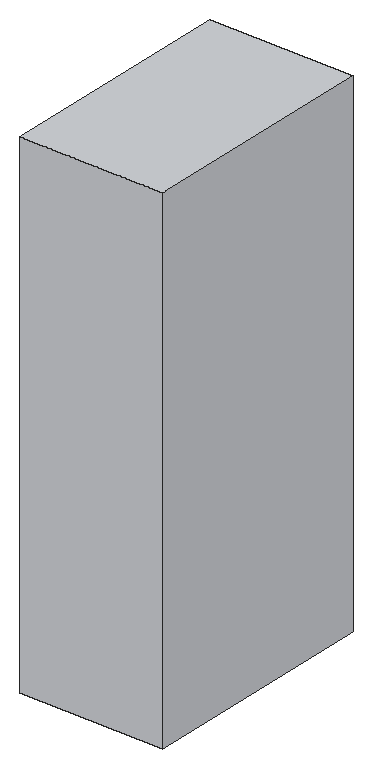
Revit family "第二期車站10_RTU機櫃_600x1000x2100", category 電氣設備, Revit 2025
Family settings
  面板規劃 = 兩欄，回路穿越
  圓形接點標註 = 使用直徑
  組件類型 = 分電盤
  OmniClass 編號 = 23.80.30.11.17
  OmniClass 標題 = Distribution Boards and Control Panels
  以工作平面為基礎 = 否
  總是垂直 = 是
  載入時使用空心切割 = 否
  維持標註方位 = 否
  共用 = 否
  房間計算點 = 否
Parameters (values of type "RTU 與網路機櫃")
  built-in parameter 1155100 [instance] = -1
  Default Elevation = 0 mm
  built-in parameter 1140142 [instance] = -1
  SCADA_高mm [instance] = "2100"
  SCADA_附錄F項次 [instance] = "28"
  SCADA_附錄D項次 [instance] = "19"
  SCADA_編號 [instance] = "P2S10-COMS-RTU-01"
  SCADA_站點 [instance] = "車站 10"
  SCADA_深mm [instance] = "1000"
  SCADA_機櫃類型 [instance] = "RTU 與網路機櫃"
  SCADA_期別 [instance] = "第二期"
  SCADA_房間 [instance] = "COMS/SCADA 設備室"
  SCADA_建物 [instance] = "車站"
  SCADA_尺寸 [instance] = "600W×1000D×2100H"
  SCADA_寬mm [instance] = "600"
  SCADA_定位來源 [instance] = "獨立設備族群（載入專案後定位）"
  SCADA_備註 [instance] = ""
  SCADA_來源文件 [instance] = "Installation SoW_V6（Rev.006, 2026-07-02）附錄 D / F；依原文顏色標示排除已刪除項目"
  SCADA_UPS電源110V [instance] = "雙 UPS 電源（2×4500VA）"
  built-in parameter 1140140 [instance] = 1 (stored number, unit not read)
Reference planes
  plane 1 "中心 (前/後)": y = 0
  plane 2: z = 0
  plane 3 "中心 (左/右)": x = 0
Forms (mm)
  Extrusion 1, solid
    sketch origin (0, 0, 0) x (1, 0, 0) y (0, 1, 0)
      loop
        line (-300, -500) -> (300, -500) -> (300, 500) -> (-300, 500) -> (-300, -500)
    from 0 to 2100
Lines and regions (mm)
  symbolic lines, style "開門線"
    curve 1: line (300, -500, 0) -> (300, -1100, 0)
    curve 2: arc (-300, -500, 0) -> (-124.264, -924.264, 0) -> (300, -1100, 0) r 600
    curve 3: line (-300, 500, 0) -> (-300, 1100, 0)
    curve 4: arc (300, 500, 0) -> (124.264, 924.264, 0) -> (-300, 1100, 0) r 600
Dimensions and locks
  aligned and locked: level to plane 2
